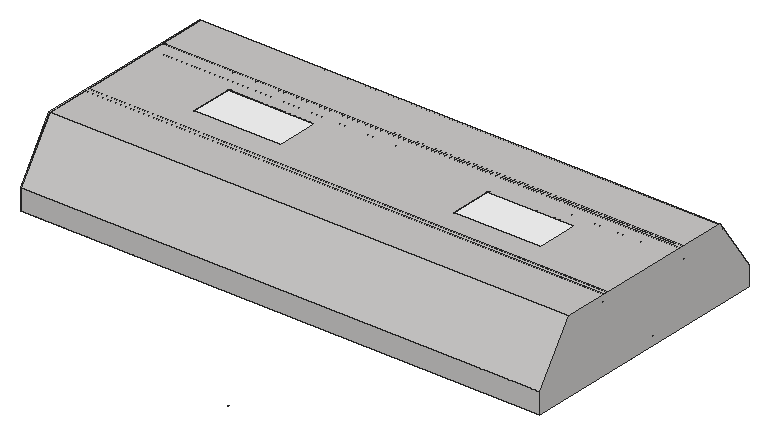
Revit family "QF_ELECTROLUXPROFESSIONAL_642362_BC1836DT", category Attrezzature speciali, Revit 2021
Family settings
  Quota connettore circolare = Usa diametro
  Tipo di parte = Normale
  Basato su piano di lavoro = No
  Sempre verticale = Sì
  Taglio con vuoti quando caricato = No
  Condiviso = No
  Punto di calcolo locali = No
Parameters (values of type "Standard")
  Weight = 108.00 kg
  Watts = 0 W
  Volts = 0 V
  URL Manufacturer = "https://www.electroluxprofessional.com/"
  URL = "https://www.electroluxprofessional.com/"
  Steam Supply Size = 0 mm
  Steam Supply Minimum Pressure = 0.0 Pa
  Steam Supply Maximum Pressure = 0.0 Pa
  Steam Consumption per Hour = 0
  Refrigeration Suction Line Size = 0 mm
  Refrigeration Liquid Line Size = 0 mm
  Refrigerant Compressor Remote = yes
  Prospetto di default = 0 mm
  Produttore = "Electrolux Professional"
  Phase = 0
  Modello = "BC1836DT"
  Length Actual = 3600 mm  # constant formula
  Item Number = "642362"
  Hot Water Size = 0 mm
  Height Actual = 500 mm  # constant formula
  HP = "0 HP"
  Gas Size = 0 mm
  Gas KW = 0
  Gas Input Pressure = 0 W
  Direct Waste Size = 0 mm
  Descrizione = "304 S/S ISLAND HOOD+FILTERS 3600X1800MM"
  Depth Actual = 1800 mm  # constant formula
  Cycle = 0 Hz
  Condensate Return Size = 0 mm
  Compressed Air Volume = 0.0 L/s
  Compressed Air Size = 0 mm
  Compressed Air Pressure = 0.0 Pa
  Cold Water Size = 0 mm
  Accessory = yes
Reference planes
  plane 1: z = 0
  plane 2 "Center (Left/Right)": x = 150
  plane 3 "LEFT": x = -1650
  plane 4 "RIGHT": x = 1950
  plane 5 "BACK": y = 550
  plane 6 "TOP": z = 2500
  plane 7 "Base": z = 2000
  plane 8: z = 1946
  plane 9: x = -1647
  plane 10 "DrainX": x = 1799
  plane 11 "AOLeft2": x = -450
  plane 12 "AORight1": x = 750
  plane 13: x = 1947
  plane 14: x = -1450
  plane 15: x = 1750
  plane 16: x = 50
  plane 17: x = 250
  plane 18 "AOLeft1": x = -1050
  plane 19 "AORight2": x = 1350
  plane 20: y = -200
  plane 21: y = -500
  plane 22 "Center (Front/Back)": y = -350
  plane 23: y = -1250
  plane 24: through (0, -401.379, 2046.209) normal (0, 0.8019, 0.5974)
  plane 25: through (0, -298.621, 2046.209) normal (0, 0.8019, -0.5974)
  plane 26: z = 2140
Forms (mm)
  Extrusion 1, solid, material "QF_Finishes_Stainless Steel"
    sketch origin (-1650, 0, 360) x (0, 1, 0) y (0, 0, 1)
      loop
        line (550, 1640) -> (550, 1780) -> (299.446, 2140) -> (-999.446, 2140) -> (-1250, 1780) -> (-1250, 1640) -> (550, 1640)
    from 0 to 3
  Extrusion 2, solid, material "QF_Finishes_Stainless Steel"
    sketch origin (1950, 0, 360) x (0, 1, 0) y (0, 0, 1)
      loop
        line (550, 1640) -> (550, 1780) -> (299.446, 2140) -> (-999.446, 2140) -> (-1250, 1780) -> (-1250, 1640) -> (550, 1640)
    from 0 to -3
  Extrusion 3, solid, material "QF_Finishes_Stainless Steel"
    sketch origin (150, 0, 360) x (0, 1, 0) y (0, 0, 1)
      loop
        line (-999.446, 2140) -> (-1250, 1780) -> (-1250, 1640) -> (-1240, 1640) -> (-1240, 1640.8) -> (-1249.2, 1640.8) -> (-1249.2, 1779.739) -> (-999.025, 2139.19) -> (299.025, 2139.19) -> (549.2, 1779.739) -> (549.2, 1640.8) -> (540, 1640.8) -> (540, 1640) -> (550, 1640) -> (550, 1780) -> (299.446, 2140) -> (-999.446, 2140)
    from -1800 to 1800
  Extrusion 4, void
    sketch origin (0, 0, 2500) x (0, 1, 0) y (-1, 0, 0)
      loop
        line (-200, 450) -> (-200, 1050) -> (-500, 1050) -> (-500, 450) -> (-200, 450)
    from 0 to -10
  Extrusion 5, solid, material "QF_Finishes_Stainless Steel"
    sketch origin (0, 0, 0) x (1, 0, 0) y (0, 1, 0)
      loop
        line (-1650, 550) -> (-1650, 549) -> (-1649, 549) -> (-1649, 550) -> (-1650, 550)
    from 0 to 1
  Extrusion 6, solid, material "QF_Finishes_Stainless Steel"
    sketch origin (150, -400, 360) x (0, 1, 0) y (0, 0, 1)
      loop
        line (-298.883, 2085.553) -> (-1.379, 1686.209) -> (14.66, 1698.157) -> (-282.844, 2097.501) -> (-298.883, 2085.553)
      loop
        line (398.883, 2085.553) -> (382.844, 2097.501) -> (85.34, 1698.157) -> (101.379, 1686.209) -> (398.883, 2085.553)
    from -1600 to -1797
  Extrusion 7, solid, material "QF_Finishes_Stainless Steel"
    sketch origin (150, -400, 360) x (0, 1, 0) y (0, 0, 1)
      loop
        arc (116.056, 1704.554) -> (115.455, 1704.706) -> (114.923, 1704.389) r 0.81
        line (114.923, 1704.389) -> (100.465, 1684.991) -> (83.389, 1687.002) -> (86.391, 1712.615) -> (85.593, 1712.708) -> (82.594, 1687.095)
        arc (82.594, 1687.095) -> (82.763, 1686.499) -> (83.305, 1686.197) r 0.81
        line (83.305, 1686.197) -> (100.372, 1684.196)
        arc (100.372, 1684.196) -> (100.787, 1684.257) -> (101.116, 1684.517) r 0.81
        line (101.116, 1684.517) -> (115.564, 1703.911) -> (126.308, 1695.919) -> (100.145, 1660.79) -> (-0.145, 1660.79) -> (-26.308, 1695.919) -> (-15.564, 1703.911) -> (-1.116, 1684.517)
        arc (-1.116, 1684.517) -> (-0.787, 1684.257) -> (-0.372, 1684.196) r 0.81
        line (-0.372, 1684.196) -> (16.695, 1686.197)
        arc (16.695, 1686.197) -> (17.237, 1686.499) -> (17.406, 1687.095) r 0.81
        line (17.406, 1687.095) -> (14.407, 1712.708) -> (13.609, 1712.615) -> (16.611, 1687.002) -> (-0.465, 1684.991) -> (-14.923, 1704.389)
        arc (-14.923, 1704.389) -> (-15.455, 1704.706) -> (-16.056, 1704.554) r 0.81
        line (-16.056, 1704.554) -> (-26.786, 1696.561)
        arc (-26.786, 1696.561) -> (-27.103, 1696.028) -> (-26.951, 1695.427) r 0.81
        line (-26.951, 1695.427) -> (-0.843, 1660.381)
        arc (-0.843, 1660.381) -> (-0.5, 1660.093) -> (-0.063, 1659.99) r 0.972
        line (-0.063, 1659.99) -> (100.049, 1659.99)
        arc (100.049, 1659.99) -> (100.498, 1660.096) -> (100.851, 1660.393) r 1
        line (100.851, 1660.393) -> (126.951, 1695.427)
        arc (126.951, 1695.427) -> (127.103, 1696.028) -> (126.786, 1696.561) r 0.81
        line (126.786, 1696.561) -> (116.056, 1704.554)
      loop
        line (-292.735, 2139.19) -> (-292.735, 2129.205) -> (-317.587, 2110.686)
        arc (-317.587, 2110.686) -> (-317.904, 2110.153) -> (-317.752, 2109.552) r 0.81
        line (-317.752, 2109.552) -> (-284.894, 2065.446) -> (-295.625, 2057.438) -> (-295.147, 2056.796) -> (-284.418, 2064.79)
        arc (-284.418, 2064.79) -> (-284.1, 2065.322) -> (-284.252, 2065.923) r 0.81
        line (-284.252, 2065.923) -> (-317.117, 2110.038) -> (-291.935, 2128.798) -> (-291.935, 2138.4) -> (-262.776, 2138.4) -> (-262.776, 2070.563) -> (-261.976, 2069.49) -> (-261.976, 2139.19) -> (-292.735, 2139.19)
      loop
        line (392.735, 2139.19) -> (361.976, 2139.19) -> (361.976, 2069.49) -> (362.776, 2070.563) -> (362.776, 2138.4) -> (391.935, 2138.4) -> (391.935, 2128.798) -> (417.117, 2110.038) -> (384.252, 2065.923)
        arc (384.252, 2065.923) -> (384.1, 2065.322) -> (384.418, 2064.79) r 0.81
        line (384.418, 2064.79) -> (395.147, 2056.796) -> (395.625, 2057.438) -> (384.894, 2065.446) -> (417.752, 2109.552)
        arc (417.752, 2109.552) -> (417.904, 2110.153) -> (417.587, 2110.686) r 0.81
        line (417.587, 2110.686) -> (392.735, 2129.205) -> (392.735, 2139.19)
    from -1797 to 1797
  Extrusion 8, solid, material "QF_Finishes_Stainless Steel"
    sketch origin (150, -400, 360) x (0, 1, 0) y (0, 0, 1)
      loop
        line (-298.883, 2085.553) -> (-1.379, 1686.209) -> (14.66, 1698.157) -> (-282.844, 2097.501) -> (-298.883, 2085.553)
      loop
        line (398.883, 2085.553) -> (382.844, 2097.501) -> (85.34, 1698.157) -> (101.379, 1686.209) -> (398.883, 2085.553)
    from 1797 to 1600
  Extrusion 9, solid, material "QF_Finishes_Stainless Steel"
    sketch origin (150, -400, 360) x (0, 1, 0) y (0, 0, 1)
      loop
        line (-298.883, 2085.553) -> (-1.379, 1686.209) -> (14.66, 1698.157) -> (-282.844, 2097.501) -> (-298.883, 2085.553)
      loop
        line (398.883, 2085.553) -> (382.844, 2097.501) -> (85.34, 1698.157) -> (101.379, 1686.209) -> (398.883, 2085.553)
    from -100 to 100
  Extrusion 10, solid, material "QF_Finished_Chrome"
    sketch origin (150, -400, 360) x (0, 1, 0) y (0, 0, 1)
      loop
        line (-298.883, 2085.553) -> (-1.379, 1686.209) -> (14.66, 1698.157) -> (-282.844, 2097.501) -> (-298.883, 2085.553)
      loop
        line (398.883, 2085.553) -> (382.844, 2097.501) -> (85.34, 1698.157) -> (101.379, 1686.209) -> (398.883, 2085.553)
    from -1600 to -100
  Extrusion 11, solid, material "QF_Finished_Chrome"
    sketch origin (150, -400, 360) x (0, 1, 0) y (0, 0, 1)
      loop
        line (-298.883, 2085.553) -> (-1.379, 1686.209) -> (14.66, 1698.157) -> (-282.844, 2097.501) -> (-298.883, 2085.553)
      loop
        line (398.883, 2085.553) -> (382.844, 2097.501) -> (85.34, 1698.157) -> (101.379, 1686.209) -> (398.883, 2085.553)
    from 100 to 1600
  Sweep 12, solid, material "QF_Finishes_Stainless Steel"
    path origin (0, 0, 0) x (1, 0, 0) y (0, 1, 0)
      loop
        line (1950, 550) -> (-1650, 550) -> (-1650, -1250) -> (1950, -1250) -> (1950, 550)
    profile origin (1950, -350, 0) x (1, 0, 0) y (0, 0, 1)
      loop
        line (-3, 2000) -> (-3, 2000.8) -> (-19, 2000.8) -> (-19, 2010) -> (-20, 2010) -> (-20, 2000) -> (-3, 2000)
  Extrusion 13, void
    sketch origin (0, 0, 2500) x (0, 1, 0) y (-1, 0, 0)
      loop
        line (-200, -1350) -> (-200, -750) -> (-500, -750) -> (-500, -1350) -> (-200, -1350)
    from 0 to -10
  Extrusion 14, solid, material "QF_Finishes_Stainless Steel"
    sketch origin (1799, 0, 0) x (0, 1, 0) y (0, 0, 1)
      loop
        arc (-318.5, 1946) -> (-311.429, 1948.929) -> (-308.5, 1956) r 10
        line (-308.5, 1956) -> (-308.5, 2000.8) -> (-391.5, 2000.8) -> (-391.5, 1956)
        arc (-391.5, 1956) -> (-388.571, 1948.929) -> (-381.5, 1946) r 10
        line (-381.5, 1946) -> (-318.5, 1946)
    from -90 to 90
  Extrusion 15, solid, material "QF_Finishes_Stainless Steel"
    sketch origin (0, -1100, 2000) x (0, 1, 0) y (-1, 0, 0)
      loop
        circle (750, -1799) r 6.35
    from -3.799 to 0
Cuts and joins
  Extrusion 4, Extrusion 13 cuts Extrusion 3
  joined: Extrusion 2, Extrusion 3, Sweep 12
Lines and regions (mm)
  symbolic lines, style "SpecialityEquipment", detail levels coarse
    curve 1: line (1950, 550, 2500) -> (-1650, 550, 2500)
    curve 2: line (-1650, 550, 2500) -> (-1650, -1250.8, 2500)
    curve 3: line (1950, -1250.8, 2500) -> (1950, 550, 2500)
    curve 4: line (-1650, 299.446, 0) -> (1950, -999.446, 0)
    curve 5: line (1950, 299.446, 0) -> (-1650.605, -999.446, 0)
  symbolic lines, detail levels coarse
    curve 6: line (-1050, -500, 0) -> (-450, -500, 0)
    curve 7: line (-1050, -200, 0) -> (-1050, -500, 0)
    curve 8: line (-450, -200, 0) -> (-1050, -200, 0)
    curve 9: line (-450, -500, 0) -> (-450, -200, 0)
    curve 10: line (750, -200, 0) -> (750, -500, 0)
    curve 11: line (1350, -200, 0) -> (750, -200, 0)
    curve 12: line (1350, -500, 0) -> (1350, -200, 0)
    curve 13: line (750, -500, 0) -> (1350, -500, 0)
    curve 14: line (-1650.605, -999.446, 0) -> (1950, -999.446, 0)
    curve 15: line (1950, 299.446, 0) -> (-1650, 299.446, 0)
    curve 16: line (-1650, -1250.8, 0) -> (1950, -1250.8, 0)
Dimensions and locks
  plane 3 "LEFT" to plane 4 "RIGHT" = 3600 mm
  equal spacing: plane 3 "LEFT", plane 2 "Center (Left/Right)", plane 4 "RIGHT"
  plane 3 "LEFT" to plane 9 = 3 mm
  plane 10 "DrainX" to plane 4 "RIGHT" = 151 mm
  plane 13 to plane 4 "RIGHT" = 3 mm
  plane 3 "LEFT" to plane 14 = 200 mm
  plane 15 to plane 4 "RIGHT" = 200 mm
  locked: plane 11 "AOLeft2" to plane 12 "AORight1" at 1200
  equal spacing: plane 11 "AOLeft2", plane 2 "Center (Left/Right)", plane 12 "AORight1"
  locked: plane 7 "Base" to level at 2000
  locked: plane 16 to plane 17 at 200
  equal spacing: plane 16, plane 2 "Center (Left/Right)", plane 17
  plane 18 "AOLeft1" to plane 11 "AOLeft2" = 600 mm
  plane 12 "AORight1" to plane 19 "AORight2" = 600 mm
  plane 7 "Base" to plane 8 = 54 mm
  locked: plane 6 "TOP" to plane 7 "Base" at 500
  plane 5 "BACK" to plane 23 = 1800 mm  (x2)
  equal spacing: plane 5 "BACK", plane 22 "Center (Front/Back)", plane 23
  plane 21 to plane 20 = 300 mm
  equal spacing: plane 21, plane 22 "Center (Front/Back)", plane 20
  plane 26 to plane 7 "Base" = 140 mm
  aligned and locked: level to plane 1
  aligned and locked: plane 4 "RIGHT" to Extrusion 3
  aligned and locked: Extrusion 3 to plane 3 "LEFT"
  aligned and locked: Extrusion 6 to plane 9
  aligned and locked: plane 14 to Extrusion 6
  aligned and locked: Extrusion 2 to plane 13
  aligned and locked: plane 13 to Extrusion 8
  aligned and locked: Extrusion 8 to plane 15
  aligned and locked: plane 17 to Extrusion 9
  aligned and locked: Extrusion 9 to plane 16
  aligned and locked: plane 16 to Extrusion 10
  aligned and locked: Extrusion 10 to plane 14
  aligned and locked: Extrusion 11 to plane 17
  aligned and locked: Extrusion 11 to plane 15
  aligned and locked: Extrusion 7 to plane 9
  aligned and locked: plane 13 to Extrusion 7
  aligned and locked: Extrusion 4 to plane 18 "AOLeft1"
  aligned and locked: Extrusion 4 to plane 11 "AOLeft2"
  aligned and locked: plane 12 "AORight1" to Extrusion 13
  aligned and locked: plane 19 "AORight2" to Extrusion 13
  aligned and locked: plane 21 to Extrusion 13
  aligned and locked: plane 21 to Extrusion 4
  aligned and locked: plane 20 to Extrusion 13
  aligned and locked: plane 20 to Extrusion 4
  aligned and locked: curve 6 to Extrusion 4
  aligned and locked: curve 7 to Extrusion 4
  aligned and locked: curve 8 to Extrusion 4
  aligned and locked: curve 9 to Extrusion 4
  aligned and locked: curve 10 to Extrusion 13
  aligned and locked: curve 11 to Extrusion 13
  aligned and locked: curve 12 to Extrusion 13
  aligned and locked: curve 13 to Extrusion 13
Automatic sketch dimensions
  curve 2 to plane 3 "LEFT" = 0 mm
  curve 3 to plane 4 "RIGHT" = 0 mm
  curve 2 to plane 5 "BACK" = 0 mm
  Extrusion 4 sketch curve to plane 11 "AOLeft2" = 0 mm
  Extrusion 4 sketch curve to plane 18 "AOLeft1" = 0 mm
  Extrusion 5 sketch curve to plane 3 "LEFT" = 0 mm
  Extrusion 5 sketch curve to plane 5 "BACK" = 0 mm
  plane 3 "LEFT" to Extrusion 5 sketch curve = 1 mm
  Extrusion 5 sketch curve to Extrusion 5 sketch curve = 1 mm
  Sweep 12 sketch curve to plane 3 "LEFT" = 0 mm
  Sweep 12 sketch curve to plane 4 "RIGHT" = 0 mm
  Sweep 12 sketch curve to plane 5 "BACK" = 0 mm
  profile plane to Sweep 12 sketch curve = 20 mm
  Sweep 12 sketch curve to Sweep 12 sketch curve = 1 mm
  profile plane to Sweep 12 sketch curve = 3 mm
  level to Sweep 12 sketch curve = 2000 mm
  Sweep 12 sketch curve to Sweep 12 sketch curve = 0.8 mm
  Sweep 12 sketch curve to Sweep 12 sketch curve = 9.2 mm
  Extrusion 13 sketch curve to plane 11 "AOLeft2" = 1800 mm
  plane 18 "AOLeft1" to Extrusion 13 sketch curve = 1800 mm
  Extrusion 13 sketch curve to Extrusion 13 sketch curve = 300 mm
  Extrusion 13 sketch curve to plane 20 = 0 mm
  plane 21 to curve 3 = 750.8 mm
  plane 21 to curve 2 = 750.8 mm
  plane 21 to Sweep 12 sketch curve = 750 mm
  plane 21 to Extrusion 4 sketch curve = 0 mm
  Extrusion 4 sketch curve to plane 20 = 0 mm
  Extrusion 15 sketch curve to plane 10 "DrainX" = 0 mm
  Extrusion 15 sketch curve to plane 22 "Center (Front/Back)" = 0 mm
  Extrusion 14 sketch curve to plane 8 = 0 mm
  plane 8 to Extrusion 14 sketch curve = 10 mm
  Extrusion 14 sketch curve to plane 22 "Center (Front/Back)" = 41.5 mm
  plane 22 "Center (Front/Back)" to Extrusion 14 sketch curve = 31.5 mm
  plane 7 "Base" to Extrusion 14 sketch curve = 0.8 mm
  plane 22 "Center (Front/Back)" to Extrusion 14 sketch curve = 41.5 mm
  plane 21 to Extrusion 6 sketch curve = 198.883 mm
  Extrusion 6 sketch curve to plane 6 "TOP" = 42.499 mm  (x2)
  Extrusion 6 sketch curve to Extrusion 6 sketch curve = 16.039 mm  (x2)
  Extrusion 6 sketch curve to plane 22 "Center (Front/Back)" = 51.379 mm
  plane 22 "Center (Front/Back)" to Extrusion 6 sketch curve = 35.34 mm
  plane 20 to Extrusion 6 sketch curve = 182.844 mm
  Extrusion 6 sketch curve to Extrusion 6 sketch curve = 11.948 mm  (x2)
  Extrusion 7 sketch curve to plane 6 "TOP" = 30.448 mm  (x2)
  plane 21 to Extrusion 7 sketch curve = 217.752 mm
  Extrusion 7 sketch curve to plane 6 "TOP" = 29.314 mm  (x2)
  Extrusion 7 sketch curve to Extrusion 7 sketch curve = 0.166 mm  (x3)
  Extrusion 7 sketch curve to plane 6 "TOP" = 29.962 mm  (x2)
  Extrusion 7 sketch curve to Extrusion 7 sketch curve = 0.47 mm  (x2)
  Extrusion 7 sketch curve to Extrusion 7 sketch curve = 0.014 mm  (x2)
  Extrusion 7 sketch curve to plane 6 "TOP" = 82.562 mm  (x2)
  Extrusion 7 sketch curve to Extrusion 7 sketch curve = 22.127 mm
  Extrusion 7 sketch curve to plane 6 "TOP" = 83.204 mm  (x2)
  Extrusion 7 sketch curve to Extrusion 7 sketch curve = 0.478 mm  (x5)
  Extrusion 7 sketch curve to plane 6 "TOP" = 0.81 mm  (x2)
  Extrusion 7 sketch curve to Extrusion 7 sketch curve = 24.852 mm
  Extrusion 7 sketch curve to Extrusion 7 sketch curve = 0.8 mm  (x5)
  Extrusion 7 sketch curve to Extrusion 7 sketch curve = 10.724 mm
  Extrusion 7 sketch curve to plane 6 "TOP" = 74.554 mm  (x2)
  Extrusion 7 sketch curve to Extrusion 7 sketch curve = 0.008 mm  (x6)
  Extrusion 7 sketch curve to plane 6 "TOP" = 75.21 mm  (x2)
  Extrusion 7 sketch curve to plane 6 "TOP" = 74.077 mm  (x2)
  Extrusion 7 sketch curve to Extrusion 7 sketch curve = 0.642 mm  (x2)
  Extrusion 7 sketch curve to plane 6 "TOP" = 69.437 mm  (x2)
  Extrusion 7 sketch curve to Extrusion 7 sketch curve = 21.476 mm  (x2)
  Extrusion 7 sketch curve to plane 21 = 73.049 mm
  Extrusion 7 sketch curve to Extrusion 7 sketch curve = 0.006 mm  (x4)
  Extrusion 7 sketch curve to Extrusion 7 sketch curve = 10.73 mm  (x3)
  Extrusion 7 sketch curve to Extrusion 7 sketch curve = 0.484 mm  (x4)
  Extrusion 7 sketch curve to Extrusion 7 sketch curve = 0.641 mm  (x2)
  Extrusion 7 sketch curve to Extrusion 7 sketch curve = 14.448 mm
  plane 7 "Base" to Extrusion 7 sketch curve = 20.381 mm
  Extrusion 7 sketch curve to Extrusion 7 sketch curve = 0.273 mm
  Extrusion 7 sketch curve to Extrusion 7 sketch curve = 0.65 mm  (x2)
  Extrusion 7 sketch curve to Extrusion 7 sketch curve = 0.001 mm  (x4)
  Extrusion 7 sketch curve to Extrusion 7 sketch curve = 0.093 mm  (x2)
  plane 7 "Base" to Extrusion 7 sketch curve = 20.79 mm
  Extrusion 7 sketch curve to Extrusion 7 sketch curve = 0.698 mm
  Extrusion 7 sketch curve to Extrusion 7 sketch curve = 0.081 mm
  Extrusion 7 sketch curve to Extrusion 7 sketch curve = 28.531 mm
  Extrusion 7 sketch curve to Extrusion 7 sketch curve = 0.799 mm  (x2)
  Extrusion 7 sketch curve to Extrusion 7 sketch curve = 17.067 mm  (x2)
  Extrusion 7 sketch curve to Extrusion 7 sketch curve = 0.01 mm  (x4)
  Extrusion 7 sketch curve to Extrusion 7 sketch curve = 0.094 mm
  Extrusion 7 sketch curve to Extrusion 7 sketch curve = 0.795 mm  (x2)
  plane 22 "Center (Front/Back)" to Extrusion 7 sketch curve = 32.594 mm
  Extrusion 7 sketch curve to Extrusion 7 sketch curve = 0.71 mm
  Extrusion 7 sketch curve to Extrusion 7 sketch curve = 2.998 mm
  Extrusion 7 sketch curve to Extrusion 7 sketch curve = 16.745 mm
  Extrusion 7 sketch curve to Extrusion 7 sketch curve = 0.095 mm
  plane 7 "Base" to Extrusion 7 sketch curve = 20.393 mm
  Extrusion 7 sketch curve to Extrusion 7 sketch curve = 0.707 mm
  Extrusion 7 sketch curve to Extrusion 7 sketch curve = 0.651 mm
  Extrusion 7 sketch curve to Extrusion 7 sketch curve = 14.456 mm
  Extrusion 7 sketch curve to plane 6 "TOP" = 70.51 mm  (x2)
  plane 20 to Extrusion 7 sketch curve = 161.976 mm
  Extrusion 7 sketch curve to plane 6 "TOP" = 1.6 mm
  Extrusion 7 sketch curve to Extrusion 7 sketch curve = 29.159 mm
  Extrusion 7 sketch curve to Extrusion 7 sketch curve = 24.368 mm
  Extrusion 7 sketch curve to Extrusion 7 sketch curve = 0.636 mm
  Extrusion 7 sketch curve to Extrusion 7 sketch curve = 23.206 mm
  Extrusion 7 sketch curve to Extrusion 7 sketch curve = 23.234 mm
  Extrusion 7 sketch curve to Extrusion 7 sketch curve = 0.321 mm  (x2)
  Extrusion 7 sketch curve to Extrusion 7 sketch curve = 2.001 mm  (x2)
  Extrusion 7 sketch curve to Extrusion 7 sketch curve = 0.804 mm  (x2)
  Extrusion 7 sketch curve to Extrusion 7 sketch curve = 10.911 mm  (x2)
  Extrusion 7 sketch curve to Extrusion 7 sketch curve = 7.993 mm  (x2)
  Extrusion 7 sketch curve to Extrusion 7 sketch curve = 25.613 mm  (x2)
  Extrusion 7 sketch curve to Extrusion 7 sketch curve = 0.407 mm  (x2)
  Extrusion 7 sketch curve to Extrusion 7 sketch curve = 0.79 mm
  Extrusion 3 sketch curve to plane 7 "Base" = 0 mm  (x2)
  Extrusion 3 sketch curve to plane 23 = 0 mm
  Extrusion 3 sketch curve to plane 5 "BACK" = 0 mm
  plane 23 to Extrusion 3 sketch curve = 0.8 mm
  plane 7 "Base" to Extrusion 3 sketch curve = 0.8 mm  (x2)
  Extrusion 3 sketch curve to Extrusion 3 sketch curve = 9.2 mm
  plane 23 to Extrusion 3 sketch curve = 250.554 mm
  Extrusion 3 sketch curve to Extrusion 3 sketch curve = 0.421 mm  (x2)
  Extrusion 3 sketch curve to plane 6 "TOP" = 0.81 mm
  Extrusion 3 sketch curve to plane 5 "BACK" = 250.975 mm
  Extrusion 3 sketch curve to plane 5 "BACK" = 10 mm
  Extrusion 3 sketch curve to plane 5 "BACK" = 0.8 mm
  Extrusion 3 sketch curve to Extrusion 3 sketch curve = 138.939 mm  (x2)
  Extrusion 3 sketch curve to Extrusion 3 sketch curve = 0.261 mm  (x2)
  Extrusion 3 sketch curve to plane 6 "TOP" = 0 mm
  Extrusion 1 sketch curve to plane 7 "Base" = 0 mm
  Extrusion 1 sketch curve to plane 23 = 0 mm
  Extrusion 1 sketch curve to plane 6 "TOP" = 0 mm
  Extrusion 1 sketch curve to plane 5 "BACK" = 0 mm
  Extrusion 1 sketch curve to plane 5 "BACK" = 250.554 mm
  plane 7 "Base" to Extrusion 1 sketch curve = 140 mm
  Extrusion 1 sketch curve to Extrusion 1 sketch curve = 140 mm
  plane 23 to Extrusion 1 sketch curve = 250.554 mm
  plane 21 to Extrusion 10 sketch curve = 198.883 mm
  Extrusion 10 sketch curve to plane 6 "TOP" = 42.499 mm  (x2)
  Extrusion 10 sketch curve to Extrusion 10 sketch curve = 16.039 mm  (x2)
  Extrusion 10 sketch curve to plane 22 "Center (Front/Back)" = 51.379 mm
  plane 22 "Center (Front/Back)" to Extrusion 10 sketch curve = 35.34 mm
  plane 20 to Extrusion 10 sketch curve = 182.844 mm
  Extrusion 10 sketch curve to Extrusion 10 sketch curve = 11.948 mm  (x2)
  plane 21 to Extrusion 9 sketch curve = 198.883 mm
  Extrusion 9 sketch curve to plane 6 "TOP" = 42.499 mm  (x2)
  Extrusion 9 sketch curve to Extrusion 9 sketch curve = 16.039 mm  (x2)
  Extrusion 9 sketch curve to plane 22 "Center (Front/Back)" = 51.379 mm
  plane 22 "Center (Front/Back)" to Extrusion 9 sketch curve = 35.34 mm
  plane 20 to Extrusion 9 sketch curve = 182.844 mm
  Extrusion 9 sketch curve to Extrusion 9 sketch curve = 11.948 mm  (x2)
  plane 21 to Extrusion 11 sketch curve = 198.883 mm
  Extrusion 11 sketch curve to plane 6 "TOP" = 42.499 mm  (x2)
  Extrusion 11 sketch curve to Extrusion 11 sketch curve = 16.039 mm  (x2)
  Extrusion 11 sketch curve to plane 22 "Center (Front/Back)" = 51.379 mm
  plane 22 "Center (Front/Back)" to Extrusion 11 sketch curve = 35.34 mm
  plane 20 to Extrusion 11 sketch curve = 182.844 mm
  Extrusion 11 sketch curve to Extrusion 11 sketch curve = 11.948 mm  (x2)
  plane 21 to Extrusion 8 sketch curve = 198.883 mm
  Extrusion 8 sketch curve to plane 6 "TOP" = 42.499 mm  (x2)
  Extrusion 8 sketch curve to Extrusion 8 sketch curve = 16.039 mm  (x2)
  Extrusion 8 sketch curve to plane 22 "Center (Front/Back)" = 51.379 mm
  plane 22 "Center (Front/Back)" to Extrusion 8 sketch curve = 35.34 mm
  plane 20 to Extrusion 8 sketch curve = 182.844 mm
  Extrusion 8 sketch curve to Extrusion 8 sketch curve = 11.948 mm  (x2)
  Extrusion 2 sketch curve to plane 7 "Base" = 0 mm
  Extrusion 2 sketch curve to plane 23 = 0 mm
  Extrusion 2 sketch curve to plane 6 "TOP" = 0 mm
  Extrusion 2 sketch curve to plane 5 "BACK" = 0 mm
  Extrusion 2 sketch curve to plane 26 = 0 mm  (x2)
  Extrusion 2 sketch curve to plane 5 "BACK" = 250.554 mm
  plane 23 to Extrusion 2 sketch curve = 250.554 mm
  curve 15 to plane 3 "LEFT" = 0 mm
  curve 16 to plane 3 "LEFT" = 0 mm
  curve 14 to plane 4 "RIGHT" = 0 mm
  curve 15 to plane 4 "RIGHT" = 0 mm
  curve 16 to plane 4 "RIGHT" = 0 mm
  curve 14 to plane 3 "LEFT" = 0.605 mm
  plane 23 to curve 14 = 250.554 mm
  curve 15 to plane 5 "BACK" = 250.554 mm
  curve 16 to plane 23 = 0.8 mm
  radius of Extrusion 15 sketch curve = 6.35 mm
Connectors
  hvac at (-750, -350, 2500)
    settings: on Extrusion 4, index 2, duct flow 0.0 L/s, flow factor 0, pres drop 0.0 Pa, loss coef 0, conn angle 0.00°, conn width 300 mm, conn height 600 mm, conn diameter 609.6 mm, duct sys type 3, conn prof type 1, flow config 1, flow direction 2, loss method 0, conn ref index -1, conn util no, is conn primary yes, conn desc "EXHAUST OUTLET"
  hvac at (1050, -350, 2500)
    settings: on Extrusion 13, index 3, duct flow 0.0 L/s, flow factor 0, pres drop 0.0 Pa, loss coef 0, conn angle 0.00°, conn width 300 mm, conn height 600 mm, conn diameter 609.6 mm, duct sys type 3, conn prof type 1, flow config 1, flow direction 2, loss method 0, conn ref index -1, conn util no, is conn primary no, conn desc "EXHAUST OUTLET"
  piping at (1799, -350, 1996.201), diameter 12.7
    settings: on Extrusion 15, index 4, connector inside diameter 609.6 mm, connector length 0 mm, flow factor 0, pipe flow 0.0 L/s, pressure drop 0.0 Pa, fitting loss kfactor 0, connector angle 0.00°, fixture units 0, engagement length 0 mm, angle of deflection 0.00°, flow configuration 1, flow direction 2, fitting loss method 0, system type 16, joint type 0, gender type 0, connector reference index -1, connector utility 0, adjustable connector no, is connector primary yes, connector description "Drain"
